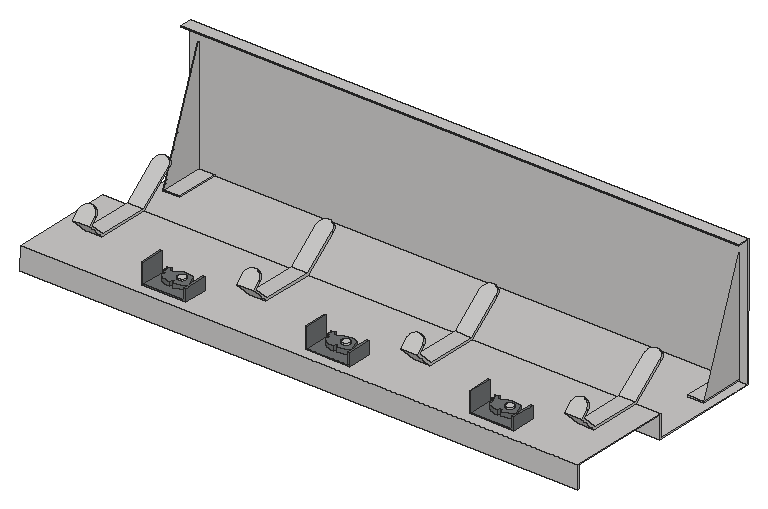
Revit family
Parameters (values of type "B-239")
  offset [instance] = 0' - 0"
  Warranty Duration (Years) = 0
  Unit Width = 2' - 10"
  Unit Height = 1' - 1"
  Unit Depth = 0' - 8"
  URL = "http://www.bobrick.com/Pages/default.aspx"
  Specification = ""
  SpecWizard = ""
  Send Message = "http://www.arcat.com/users.pl?action=UserEmail&company=Bobrick+Washroom+Equipment,+Inc.&coid=30988&rep=156&fax=818-503-1930&mf="
  Sales Information = "http://www.bobrick.com/Pages/ContactUs.aspx"
  Holder Material = Rubber - Bobrick - Black
  Revision = "R1_10-2012"
  Product Properties = ""
  Product Data = "http://arcat.com/arcatcos/cos30/arc30988.html?isac=1&r=1"
  Model = "B-239"
  Manufacturer Website = "http://www.bobrick.com/Pages/default.aspx"
  Manufacturer Phone - Toll Free = ""
  Manufacturer Phone = "818-764-1000"
  Manufacturer Fax = "818-503-1930"
  Manufacturer Address = "11611 Hart St. North Hollywood, CA 91605-5882"
  Manufacturer = "Bobrick Washroom Equipment, Inc."
  Maintenance Schedule (Months) = 0
  Keynote = "102813"
  Installation-Fabrication = "http://www.bobrick.com/washroomaccessories/Pages/WashroomAccessories.aspx"
  Installation Phase = ""
  Green Building-LEED = ""
  Finish Material = Stainless Steel - Bobrick - Satin
  Expected Lifespan (Years) = 0
  Drawn By = "Sumex Design, Inc. / Robert S. Weygant, CSI, CDT, SCIP"
  Description = "Bobrick B-239 Utility Shelf with Rag Hooks and Broom Holders"
  Default Elevation = 4' - 0"
  Copyright = "©Arcat Inc."
  Construction Details = ""
  Assembly Code = "E1090900"
Reference planes (in)
  plane 1 "Center (Front/Back)": y = 0
  plane 2 "Bottom": z = 0
  plane 3 "Center (Left/Right)": x = 0
  plane 4 "Front": y = -6.5
  plane 5 "Back": y = 6.5
  plane 6 "Left": x = -17
  plane 7 "Right": x = 17
  plane 8 "Top": z = 8
Forms (in)
  Extrusion 1, solid, material "Stainless Steel - Bobrick - Satin" <- "Finish Material"
    sketch origin (0, 0, 0) x (0, 1, 0) y (0, 0, 1)
      loop
        line (5.75, 7.9375) -> (6.4375, 7.9375) -> (6.4375, 0.0625) -> (-0.1875, 0.0625) -> (-0.1875, 1.375) -> (-6.5, 1.375) -> (-6.5, 0) -> (-6.4375, 0) -> (-6.4375, 1.3125) -> (-0.25, 1.3125) -> (-0.25, 0) -> (6.5, 0) -> (6.5, 8) -> (5.75, 8) -> (5.75, 7.9375)
    from -17 to 17
  Extrusion 2, solid, material "Stainless Steel - Bobrick - Satin" <- "Finish Material"
    sketch origin (0, 0, 0) x (0, 1, 0) y (0, 0, 1)
      loop
        line (3.75, 0.0625) -> (6.4375, 0.0625) -> (6.4375, 7.06368) -> (3.75, 0.0625)
    from -16.5 to -16.46875
  Extrusion 3, solid, material "Stainless Steel - Bobrick - Satin" <- "Finish Material"
    sketch origin (0, 0, 0) x (0, 1, 0) y (0, 0, 1)
      loop
        line (6.4375, 0.125) -> (3.75, 0.125) -> (3.75, 0.0625) -> (6.4375, 0.0625) -> (6.4375, 0.125)
    from -16.5 to -15.5
  Extrusion 4, solid, material "Stainless Steel - Bobrick - Satin" <- "Finish Material"
    sketch origin (0, 0, 0) x (0, 1, 0) y (0, 0, -1)
      loop
        line (3.75, -0.0625) -> (6.4375, -7.06368) -> (6.4375, -0.0625) -> (3.75, -0.0625)
    from -16.5 to -16.46875
  Extrusion 5, solid, material "Stainless Steel - Bobrick - Satin" <- "Finish Material"
    sketch origin (0, 0, 0) x (0, 1, 0) y (0, 0, -1)
      loop
        line (6.4375, -0.125) -> (6.4375, -0.0625) -> (3.75, -0.0625) -> (3.75, -0.125) -> (6.4375, -0.125)
    from -16.5 to -15.5
  Extrusion 6, solid, material "Stainless Steel - Bobrick - Satin" <- "Finish Material"
    sketch origin (0, 0, 0) x (0, 1, 0) y (0, 0, 1)
      loop
        line (-3.32771, 3.19005) -> (-3.4161, 3.27844) -> (-4.34727, 2.34727) -> (-3.375, 1.375) -> (-0.1875, 1.375) -> (2.34327, 3.35226) -> (2.27082, 3.44499) -> (-0.21127, 1.50577) -> (-3.32899, 1.50577) -> (-4.1705, 2.34727) -> (-3.32771, 3.19005)
    from -15.5 to -14.5
  Extrusion 7, void
    sketch origin (0, -3.99913, 2.69541) x (0, 0.707107, 0.707107) y (1, 0, 0)
      loop
        line (0.05453, -15.5) -> (0.98294, -15.5) -> (0.98294, -14.5) -> (0.05453, -14.5)
        arc (0.05453, -14.5) -> (0.55453, -15) -> (0.05453, -15.5) r 0.5
    from 0 to 1.12255
  Extrusion 8, void
    sketch origin (0, 1.70044, 2.99936) x (0, 0.788011, 0.615661) y (1, 0, 0)
      loop
        line (-0.05083, -15.5) -> (0.77915, -15.5) -> (0.77915, -14.5) -> (-0.05083, -14.5)
        arc (-0.05083, -14.5) -> (0.44917, -15) -> (-0.05083, -15.5) r 0.5
    from 0 to 0.2633
  Extrusion 9, solid, material "Stainless Steel - Bobrick - Satin" <- "Finish Material"
    sketch origin (10, 0, 0) x (0, 1, 0) y (0, 0, 1)
      loop
        line (-3.32771, 3.19005) -> (-3.4161, 3.27844) -> (-4.34727, 2.34727) -> (-3.375, 1.375) -> (-0.1875, 1.375) -> (2.34327, 3.35226) -> (2.27082, 3.44499) -> (-0.21127, 1.50577) -> (-3.32899, 1.50577) -> (-4.1705, 2.34727) -> (-3.32771, 3.19005)
    from -15.5 to -14.5
  Extrusion 10, solid, material "Stainless Steel - Bobrick - Satin" <- "Finish Material"
    sketch origin (20, 0, 0) x (0, 1, 0) y (0, 0, 1)
      loop
        line (-3.32771, 3.19005) -> (-3.4161, 3.27844) -> (-4.34727, 2.34727) -> (-3.375, 1.375) -> (-0.1875, 1.375) -> (2.34327, 3.35226) -> (2.27082, 3.44499) -> (-0.21127, 1.50577) -> (-3.32899, 1.50577) -> (-4.1705, 2.34727) -> (-3.32771, 3.19005)
    from -15.5 to -14.5
  Extrusion 11, solid, material "Stainless Steel - Bobrick - Satin" <- "Finish Material"
    sketch origin (30, 0, 0) x (0, 1, 0) y (0, 0, 1)
      loop
        line (-3.32771, 3.19005) -> (-3.4161, 3.27844) -> (-4.34727, 2.34727) -> (-3.375, 1.375) -> (-0.1875, 1.375) -> (2.34327, 3.35226) -> (2.27082, 3.44499) -> (-0.21127, 1.50577) -> (-3.32899, 1.50577) -> (-4.1705, 2.34727) -> (-3.32771, 3.19005)
    from -15.5 to -14.5
  Extrusion 12, void
    sketch origin (10, -3.99913, 2.69541) x (0, 0.707107, 0.707107) y (1, 0, 0)
      loop
        line (0.05453, -15.5) -> (0.98294, -15.5) -> (0.98294, -14.5) -> (0.05453, -14.5)
        arc (0.05453, -14.5) -> (0.55453, -15) -> (0.05453, -15.5) r 0.5
    from 0 to 1.12255
  Extrusion 13, void
    sketch origin (10, 1.70044, 2.99936) x (0, 0.788011, 0.615661) y (1, 0, 0)
      loop
        line (-0.05083, -15.5) -> (0.77915, -15.5) -> (0.77915, -14.5) -> (-0.05083, -14.5)
        arc (-0.05083, -14.5) -> (0.44917, -15) -> (-0.05083, -15.5) r 0.5
    from 0 to 0.2633
  Extrusion 14, void
    sketch origin (20, -3.99913, 2.69541) x (0, 0.707107, 0.707107) y (1, 0, 0)
      loop
        line (0.05453, -15.5) -> (0.98294, -15.5) -> (0.98294, -14.5) -> (0.05453, -14.5)
        arc (0.05453, -14.5) -> (0.55453, -15) -> (0.05453, -15.5) r 0.5
    from 0 to 1.12255
  Extrusion 15, void
    sketch origin (20, 1.70044, 2.99936) x (0, 0.788011, 0.615661) y (1, 0, 0)
      loop
        line (-0.05083, -15.5) -> (0.77915, -15.5) -> (0.77915, -14.5) -> (-0.05083, -14.5)
        arc (-0.05083, -14.5) -> (0.44917, -15) -> (-0.05083, -15.5) r 0.5
    from 0 to 0.2633
  Extrusion 16, void
    sketch origin (30, -3.99913, 2.69541) x (0, 0.707107, 0.707107) y (1, 0, 0)
      loop
        line (0.05453, -15.5) -> (0.98294, -15.5) -> (0.98294, -14.5) -> (0.05453, -14.5)
        arc (0.05453, -14.5) -> (0.55453, -15) -> (0.05453, -15.5) r 0.5
    from 0 to 1.12255
  Extrusion 17, void
    sketch origin (30, 1.70044, 2.99936) x (0, 0.788011, 0.615661) y (1, 0, 0)
      loop
        line (-0.05083, -15.5) -> (0.77915, -15.5) -> (0.77915, -14.5) -> (-0.05083, -14.5)
        arc (-0.05083, -14.5) -> (0.44917, -15) -> (-0.05083, -15.5) r 0.5
    from 0 to 0.2633
Cuts and joins
  Extrusion 7, Extrusion 8, Extrusion 12, Extrusion 13, Extrusion 14, Extrusion 15, Extrusion 16, Extrusion 17 cuts Extrusion 1
  Extrusion 7, Extrusion 8 cuts Extrusion 3
  Extrusion 7, Extrusion 8, Extrusion 12, Extrusion 13 cuts Extrusion 6
  Extrusion 12, Extrusion 13, Extrusion 14 cuts Extrusion 9
  Extrusion 14, Extrusion 15, Extrusion 16 cuts Extrusion 10
  Extrusion 16, Extrusion 17 cuts Extrusion 11
Dimensions and locks (in)
  equal spacing: plane 6 "Left", plane 3 "Center (Left/Right)", plane 7 "Right"
  "Unit Width": plane 6 "Left" to plane 7 "Right"
  equal spacing: plane 5 "Back", plane 1 "Center (Front/Back)", plane 4 "Front"
  "Unit Height": plane 5 "Back" to plane 4 "Front"
  "Unit Depth": plane 8 "Top" to level
Automatic sketch dimensions
  Extrusion 1 sketch curve to level = 0' - 0"  (x2)
  Extrusion 1 sketch curve to plane 5 "Back" = 0' - 0"
  Extrusion 1 sketch curve to plane 5 "Back" = 0' - 0 1/16"
  Extrusion 1 sketch curve to plane 8 "Top" = 0' - 0 1/16"
  Extrusion 1 sketch curve to Extrusion 1 sketch curve = 0' - 0 11/16"
  plane 1 "Center (Front/Back)" to Extrusion 1 sketch curve = 0' - 0 3/16"
  Extrusion 1 sketch curve to Extrusion 1 sketch curve = 0' - 0 1/16"  (x2)
  plane 4 "Front" to Extrusion 1 sketch curve = 0' - 0 1/16"
  Extrusion 1 sketch curve to plane 4 "Front" = 0' - 0"
  level to Extrusion 1 sketch curve = 0' - 0 1/16"
  Extrusion 1 sketch curve to Extrusion 1 sketch curve = 0' - 1 1/4"
  plane 8 "Top" to Extrusion 1 sketch curve = 0' - 0"
  level to Extrusion 2 sketch curve = 0' - 0 1/16"
  Extrusion 2 sketch curve to plane 5 "Back" = 0' - 2 3/4"
  Extrusion 2 sketch curve to plane 5 "Back" = 0' - 0 1/16"
  Extrusion 2 sketch curve to plane 8 "Top" = 0' - 0.93632"
  level to Extrusion 3 sketch curve = 0' - 0 1/8"
  Extrusion 3 sketch curve to plane 5 "Back" = 0' - 2 3/4"
  Extrusion 3 sketch curve to plane 5 "Back" = 0' - 0 1/16"
  level to Extrusion 3 sketch curve = 0' - 0 1/16"
  level to Extrusion 4 sketch curve = 0' - 0 1/16"
  Extrusion 4 sketch curve to plane 5 "Back" = 0' - 2 3/4"
  Extrusion 4 sketch curve to plane 5 "Back" = 0' - 0 1/16"
  Extrusion 4 sketch curve to plane 8 "Top" = 0' - 0.93632"
  level to Extrusion 5 sketch curve = 0' - 0 1/8"
  Extrusion 5 sketch curve to plane 5 "Back" = 0' - 2 3/4"
  Extrusion 5 sketch curve to plane 5 "Back" = 0' - 0 1/16"
  level to Extrusion 5 sketch curve = 0' - 0 1/16"
  plane 4 "Front" to Extrusion 6 sketch curve = 0' - 2.15273"
  Extrusion 6 sketch curve to Extrusion 6 sketch curve = 0' - 0.17678"
  Extrusion 6 sketch curve to Extrusion 6 sketch curve = 0' - 0.75439"
  Extrusion 6 sketch curve to Extrusion 6 sketch curve = 0' - 0.7955"
  Extrusion 6 sketch curve to Extrusion 6 sketch curve = 0' - 0.04601"
  Extrusion 6 sketch curve to Extrusion 6 sketch curve = 0' - 0.08839"  (x2)
  plane 1 "Center (Front/Back)" to Extrusion 6 sketch curve = 0' - 0.21127"
  Extrusion 6 sketch curve to Extrusion 6 sketch curve = 0' - 0.02377"
  Extrusion 6 sketch curve to plane 1 "Center (Front/Back)" = 0' - 2.27082"
  Extrusion 6 sketch curve to Extrusion 6 sketch curve = 0' - 0.07245"
  level to Extrusion 6 sketch curve = 0' - 1 3/8"
  Extrusion 6 sketch curve to Extrusion 6 sketch curve = 0' - 0.13077"
  Extrusion 6 sketch curve to Extrusion 6 sketch curve = 0' - 0.8415"
  Extrusion 6 sketch curve to Extrusion 6 sketch curve = 0' - 0"
  Extrusion 6 sketch curve to Extrusion 6 sketch curve = 0' - 0.84278"
  Extrusion 6 sketch curve to Extrusion 6 sketch curve = 0' - 1.84649"
  Extrusion 6 sketch curve to Extrusion 6 sketch curve = 0' - 0.09273"
  Extrusion 7 sketch curve to Extrusion 6 = 0' - 0"  (x2)
  Extrusion 6 to Extrusion 7 sketch curve = 0' - 0 35/64"
  Extrusion 7 sketch curve to Extrusion 6 = 0' - 0.15841"
  Extrusion 8 sketch curve to Extrusion 6 = 0' - 0"  (x2)
  Extrusion 8 sketch curve to Extrusion 6 = 0' - 0.77465"
  Extrusion 6 to Extrusion 8 sketch curve = 0' - 0.05533"
  plane 4 "Front" to Extrusion 9 sketch curve = 0' - 2.15273"
  Extrusion 9 sketch curve to Extrusion 9 sketch curve = 0' - 0.17678"
  Extrusion 9 sketch curve to Extrusion 9 sketch curve = 0' - 0.75439"
  Extrusion 9 sketch curve to Extrusion 9 sketch curve = 0' - 0.7955"
  Extrusion 9 sketch curve to Extrusion 9 sketch curve = 0' - 0.04601"
  Extrusion 9 sketch curve to Extrusion 9 sketch curve = 0' - 0.08839"  (x2)
  plane 1 "Center (Front/Back)" to Extrusion 9 sketch curve = 0' - 0.21127"
  Extrusion 9 sketch curve to Extrusion 9 sketch curve = 0' - 0.02377"
  Extrusion 9 sketch curve to plane 1 "Center (Front/Back)" = 0' - 2.27082"
  Extrusion 9 sketch curve to Extrusion 9 sketch curve = 0' - 0.07245"
  level to Extrusion 9 sketch curve = 0' - 1 3/8"
  Extrusion 9 sketch curve to Extrusion 9 sketch curve = 0' - 0.13077"
  Extrusion 9 sketch curve to Extrusion 9 sketch curve = 0' - 0.8415"
  Extrusion 9 sketch curve to Extrusion 9 sketch curve = 0' - 0"
  Extrusion 9 sketch curve to Extrusion 9 sketch curve = 0' - 0.84278"
  Extrusion 9 sketch curve to Extrusion 9 sketch curve = 0' - 1.84649"
  Extrusion 9 sketch curve to Extrusion 9 sketch curve = 0' - 0.09273"
  plane 4 "Front" to Extrusion 10 sketch curve = 0' - 2.15273"
  Extrusion 10 sketch curve to Extrusion 10 sketch curve = 0' - 0.17678"
  Extrusion 10 sketch curve to Extrusion 10 sketch curve = 0' - 0.75439"
  Extrusion 10 sketch curve to Extrusion 10 sketch curve = 0' - 0.7955"
  Extrusion 10 sketch curve to Extrusion 10 sketch curve = 0' - 0.04601"
  Extrusion 10 sketch curve to Extrusion 10 sketch curve = 0' - 0.08839"  (x2)
  plane 1 "Center (Front/Back)" to Extrusion 10 sketch curve = 0' - 0.21127"
  Extrusion 10 sketch curve to Extrusion 10 sketch curve = 0' - 0.02377"
  Extrusion 10 sketch curve to plane 1 "Center (Front/Back)" = 0' - 2.27082"
  Extrusion 10 sketch curve to Extrusion 10 sketch curve = 0' - 0.07245"
  level to Extrusion 10 sketch curve = 0' - 1 3/8"
  Extrusion 10 sketch curve to Extrusion 10 sketch curve = 0' - 0.13077"
  Extrusion 10 sketch curve to Extrusion 10 sketch curve = 0' - 0.8415"
  Extrusion 10 sketch curve to Extrusion 10 sketch curve = 0' - 0"
  Extrusion 10 sketch curve to Extrusion 10 sketch curve = 0' - 0.84278"
  Extrusion 10 sketch curve to Extrusion 10 sketch curve = 0' - 1.84649"
  Extrusion 10 sketch curve to Extrusion 10 sketch curve = 0' - 0.09273"
  plane 4 "Front" to Extrusion 11 sketch curve = 0' - 2.15273"
  Extrusion 11 sketch curve to Extrusion 11 sketch curve = 0' - 0.17678"
  Extrusion 11 sketch curve to Extrusion 11 sketch curve = 0' - 0.75439"
  Extrusion 11 sketch curve to Extrusion 11 sketch curve = 0' - 0.7955"
  Extrusion 11 sketch curve to Extrusion 11 sketch curve = 0' - 0.04601"
  Extrusion 11 sketch curve to Extrusion 11 sketch curve = 0' - 0.08839"  (x2)
  plane 1 "Center (Front/Back)" to Extrusion 11 sketch curve = 0' - 0.21127"
  Extrusion 11 sketch curve to Extrusion 11 sketch curve = 0' - 0.02377"
  Extrusion 11 sketch curve to plane 1 "Center (Front/Back)" = 0' - 2.27082"
  Extrusion 11 sketch curve to Extrusion 11 sketch curve = 0' - 0.07245"
  level to Extrusion 11 sketch curve = 0' - 1 3/8"
  Extrusion 11 sketch curve to Extrusion 11 sketch curve = 0' - 0.13077"
  Extrusion 11 sketch curve to Extrusion 11 sketch curve = 0' - 0.8415"
  Extrusion 11 sketch curve to Extrusion 11 sketch curve = 0' - 0"
  Extrusion 11 sketch curve to Extrusion 11 sketch curve = 0' - 0.84278"
  Extrusion 11 sketch curve to Extrusion 11 sketch curve = 0' - 1.84649"
  Extrusion 11 sketch curve to Extrusion 11 sketch curve = 0' - 0.09273"
  Extrusion 6 to Extrusion 12 sketch curve = 0' - 0 35/64"
  Extrusion 12 sketch curve to Extrusion 6 = 0' - 0.15841"
  Extrusion 6 to Extrusion 12 sketch curve = 0' - 9"
  Extrusion 12 sketch curve to Extrusion 12 sketch curve = 0' - 0 1/2"
  Extrusion 13 sketch curve to Extrusion 6 = 0' - 0.77465"
  Extrusion 6 to Extrusion 13 sketch curve = 0' - 0.05533"
  Extrusion 6 to Extrusion 13 sketch curve = 0' - 9"
  Extrusion 13 sketch curve to Extrusion 13 sketch curve = 0' - 0 1/2"
  Extrusion 6 to Extrusion 14 sketch curve = 0' - 0 35/64"
  Extrusion 14 sketch curve to Extrusion 6 = 0' - 0.15841"
  Extrusion 6 to Extrusion 14 sketch curve = 1' - 7"
  Extrusion 14 sketch curve to Extrusion 14 sketch curve = 0' - 0 1/2"
  Extrusion 15 sketch curve to Extrusion 6 = 0' - 0.77465"
  Extrusion 6 to Extrusion 15 sketch curve = 0' - 0.05533"
  Extrusion 6 to Extrusion 15 sketch curve = 1' - 7"
  Extrusion 15 sketch curve to Extrusion 15 sketch curve = 0' - 0 1/2"
  Extrusion 6 to Extrusion 16 sketch curve = 0' - 0 35/64"
  Extrusion 16 sketch curve to Extrusion 6 = 0' - 0.15841"
  Extrusion 6 to Extrusion 16 sketch curve = 2' - 5"
  Extrusion 16 sketch curve to Extrusion 16 sketch curve = 0' - 0 1/2"
  Extrusion 17 sketch curve to Extrusion 6 = 0' - 0.77465"
  Extrusion 6 to Extrusion 17 sketch curve = 0' - 0.05533"
  Extrusion 6 to Extrusion 17 sketch curve = 2' - 5"
  Extrusion 17 sketch curve to Extrusion 17 sketch curve = 0' - 0 1/2"
Nested families (in)
  nested 1: "Hook" at (11.21875, -4.59375, 1.375), type "Hook"
  nested 2: "Hook" at (1.21875, -4.59375, 1.375), type "Hook"
  nested 3: "Hook" at (-8.78125, -4.59375, 1.375), type "Hook"
Definition of nested family "Hook"
  Parameters (values of type "Hook")
    offset [instance] = 0' - 0"
    Warranty Duration (Years) = 0
    Unit Width = 0' - 0"
    Unit Height = 0' - 0"
    Unit Depth = 0' - 0"
    URL = "http://www.bobrick.com/Pages/default.aspx"
    Specification = ""
    SpecWizard = ""
    Send Message = "http://www.arcat.com/users.pl?action=UserEmail&company=Bobrick+Washroom+Equipment,+Inc.&coid=30988&rep=156&fax=818-503-1930&mf="
    Sales Information = "http://www.bobrick.com/Pages/ContactUs.aspx"
    Revision = "R1_10-2012"
    Product Properties = ""
    Product Data = "http://arcat.com/arcatcos/cos30/arc30988.html?isac=1&r=1"
    Model = "As Specified"
    Manufacturer Website = "http://www.bobrick.com/Pages/default.aspx"
    Manufacturer Phone - Toll Free = ""
    Manufacturer Phone = "818-764-1000"
    Manufacturer Fax = "818-503-1930"
    Manufacturer Address = "11611 Hart St. North Hollywood, CA 91605-5882"
    Manufacturer = "Bobrick Washroom Equipment, Inc."
    Maintenance Schedule (Months) = 0
    Keynote = "102813"
    Installation-Fabrication = "http://www.bobrick.com/washroomaccessories/Pages/WashroomAccessories.aspx"
    Installation Phase = ""
    Green Building-LEED = ""
    Expected Lifespan (Years) = 0
    Drawn By = "Sumex Design, Inc. / Robert S. Weygant, CSI, CDT, SCIP"
    Description = "Bobrick Washroom Accessory as Specified"
    Default Elevation = 4' - 0"
    Copyright = "©Arcat Inc."
    Construction Details = ""
    Assembly Code = "E1090900"
    Accessory Material = none
  Reference planes (in)
    plane 1 "Center (Front/Back)": y = 0
    plane 2 "Bottom": z = 0
    plane 3 "Center (Left/Right)": x = 0
    plane 4 "Top": z = 0
  Forms (in)
    Extrusion 1, solid, material <- "Accessory Material"
      sketch origin (0, 0, -3) x (1, 0, 0) y (0, 0, 1)
        loop
          line (-0.67514, 3.75) -> (-0.67514, 3.5) -> (1.21875, 3.5) -> (1.21875, 3.0625) -> (-1.2516, 3.0625) -> (-1.2516, 4.25) -> (-1.35553, 4.25) -> (-1.35553, 3) -> (1.34375, 3) -> (1.34375, 3.75) -> (-0.67514, 3.75)
      from -0.1777 to 1.25497
    Extrusion 2, void
      sketch origin (0, 0, -3) x (1, 0, 0) y (0, 1, 0)
        loop
          line (1.21875, -0.8165) -> (1.21875, 0.4612) -> (-0.77682, 0.4612) -> (-0.77682, -1.375) -> (1.21875, -1.375) -> (1.21875, -1.00994)
          arc (1.21875, -1.00994) -> (0.88272, -1.14403) -> (0.53393, -1.2402) r 3.27263
          line (0.53393, -1.2402) -> (0.50634, -1.19467) -> (0.49124, -1.11011) -> (0.48653, -1.0632) -> (0.40557, -1.06358) -> (0.36504, -1.07129) -> (0.34492, -1.23334)
          arc (0.34492, -1.23334) -> (-0.07543, -1.14957) -> (-0.405, -0.87555) r 0.8715
          line (-0.405, -0.87555) -> (-0.3103, -0.77419) -> (-0.37784, -0.67295) -> (-0.48593, -0.72018) -> (-0.53317, -0.6324) -> (-0.45222, -0.56486) -> (-0.48593, -0.46363) -> (-0.5873, -0.48393) -> (-0.61427, -0.3961) -> (-0.5129, -0.32856) -> (-0.54006, -0.22738) -> (-0.64125, -0.24078) -> (-0.67514, -0.15299) -> (-0.42511, -0.09898)
          arc (-0.42511, -0.09898) -> (-0.35145, -0.24855) -> (-0.20907, -0.33528) r 0.29851
          arc (-0.20907, -0.33528) -> (-0.02004, -0.27724) -> (0.12187, -0.13954) r 0.42247
          line (0.12187, -0.13954) -> (0.29758, -0.09219) -> (0.56396, -0.09519)
          arc (0.56396, -0.09519) -> (0.81863, -0.14857) -> (1.03379, -0.29491) r 0.6703
          line (1.03379, -0.29491) -> (1.21875, -0.8165)
        loop
          circle (0.56194, -0.57145) r 0.25
      from 3.42848 to 3.92933
    Extrusion 3, solid, material "Stainless Steel - Bobrick - Satin"
      sketch origin (1.34375, -0.12003, 0.0625) x (-1, 0, 0) y (0, -1, 0)
        loop
          circle (0.78181, 0.45142) r 0.25
      from 0.4375 to 0.73027
  Cuts and joins
    Extrusion 2 cuts Extrusion 1
  Dimensions and locks (in)
    "Unit Depth": plane 4 "Top" to level
    aligned: cut or joined group of Extrusion 1, Extrusion 2 to Extrusion 3
  Automatic sketch dimensions
    Extrusion 1 to Extrusion 3 sketch curve = 0' - 0.65681"
    Extrusion 1 to Extrusion 3 sketch curve = 0' - 0.68352"
    Extrusion 1 sketch curve to level = 0' - 0"
    Extrusion 1 sketch curve to plane 3 "Center (Left/Right)" = 0' - 1.35553"
    level to Extrusion 1 sketch curve = 0' - 0 1/2"
    plane 3 "Center (Left/Right)" to Extrusion 1 sketch curve = 0' - 1 7/32"
    Extrusion 1 sketch curve to Extrusion 1 sketch curve = 0' - 0 1/8"
    level to Extrusion 1 sketch curve = 0' - 0 1/16"
    Extrusion 1 sketch curve to Extrusion 1 sketch curve = 0' - 0 1/4"
    Extrusion 1 sketch curve to Extrusion 1 sketch curve = 0' - 0.10393"
    Extrusion 1 sketch curve to plane 3 "Center (Left/Right)" = 0' - 0.67514"
    Extrusion 1 sketch curve to Extrusion 1 sketch curve = 0' - 0 1/2"
    Extrusion 2 sketch curve to plane 3 "Center (Left/Right)" = 0' - 0.77682"
    plane 1 "Center (Front/Back)" to Extrusion 2 sketch curve = 0' - 0.15299"
    Extrusion 2 sketch curve to Extrusion 2 sketch curve = 0' - 0.10168"
    plane 1 "Center (Front/Back)" to Extrusion 2 sketch curve = 0' - 0.24078"
    Extrusion 2 sketch curve to Extrusion 2 sketch curve = 0' - 0.03388"
    Extrusion 2 sketch curve to Extrusion 2 sketch curve = 0' - 0.02698"
    Extrusion 2 sketch curve to Extrusion 2 sketch curve = 0' - 0.02697"
    plane 1 "Center (Front/Back)" to Extrusion 2 sketch curve = 0' - 0.22738"
    Extrusion 2 sketch curve to Extrusion 2 sketch curve = 0' - 0.10119"
    Extrusion 2 sketch curve to Extrusion 2 sketch curve = 0' - 0.05413"
    Extrusion 2 sketch curve to Extrusion 2 sketch curve = 0' - 0.02716"
    Extrusion 2 sketch curve to Extrusion 2 sketch curve = 0' - 0.10137"  (x2)
    Extrusion 2 sketch curve to Extrusion 2 sketch curve = 0' - 0.04723"  (x2)
    Extrusion 2 sketch curve to Extrusion 2 sketch curve = 0' - 0.08094"
    Extrusion 2 sketch curve to Extrusion 2 sketch curve = 0' - 0.11495"
    Extrusion 2 sketch curve to Extrusion 2 sketch curve = 0' - 0.08093"  (x2)
    Extrusion 2 sketch curve to Extrusion 2 sketch curve = 0' - 0.10809"
    Extrusion 2 sketch curve to Extrusion 2 sketch curve = 0' - 0.06754"  (x2)
    Extrusion 2 sketch curve to plane 1 "Center (Front/Back)" = 0' - 0.08639"
    Extrusion 2 sketch curve to plane 3 "Center (Left/Right)" = 0' - 0.23511"
    Extrusion 2 sketch curve to plane 3 "Center (Left/Right)" = 0' - 0.20907"
    Extrusion 2 sketch curve to plane 3 "Center (Left/Right)" = 0' - 0.16031"
    plane 1 "Center (Front/Back)" to Extrusion 2 sketch curve = 0' - 0.04713"
    Extrusion 2 sketch curve to plane 3 "Center (Left/Right)" = 0' - 0.13114"
    plane 3 "Center (Left/Right)" to Extrusion 2 sketch curve = 0' - 0.12187"
    plane 1 "Center (Front/Back)" to Extrusion 2 sketch curve = 0' - 0.09219"
    Extrusion 2 sketch curve to Extrusion 2 sketch curve = 0' - 0.1757"
    Extrusion 2 sketch curve to Extrusion 2 sketch curve = 0' - 0.00227"
    plane 3 "Center (Left/Right)" to Extrusion 2 sketch curve = 0' - 0.34492"
    Extrusion 2 sketch curve to Extrusion 2 sketch curve = 0' - 0.02012"
    Extrusion 2 sketch curve to Extrusion 2 sketch curve = 0' - 0.04054"
    Extrusion 2 sketch curve to Extrusion 2 sketch curve = 0' - 0.08096"
    Extrusion 2 sketch curve to Extrusion 2 sketch curve = 0' - 0.00472"
    Extrusion 2 sketch curve to Extrusion 2 sketch curve = 0' - 0.01509"
    Extrusion 2 sketch curve to Extrusion 2 sketch curve = 0' - 0.0276"
    Extrusion 2 sketch curve to Extrusion 2 sketch curve = 0' - 0.06988"
    Extrusion 2 sketch curve to Extrusion 2 sketch curve = 0' - 0.00554"
    plane 1 "Center (Front/Back)" to Extrusion 2 sketch curve = 0' - 0.09519"
    Extrusion 2 sketch curve to Extrusion 2 sketch curve = 0' - 0.26638"
    plane 1 "Center (Front/Back)" to Extrusion 2 sketch curve = 0' - 0.29491"
    Extrusion 2 sketch curve to Extrusion 2 sketch curve = 0' - 0.46983"
    Extrusion 2 sketch curve to Extrusion 2 sketch curve = 0' - 0.66235"
    Extrusion 2 sketch curve to Extrusion 2 sketch curve = 0' - 0.18496"
    Extrusion 2 sketch curve to Extrusion 2 sketch curve = 0' - 0.54681"
    Extrusion 2 sketch curve to Extrusion 2 sketch curve = 0' - 0.52159"
    Extrusion 2 sketch curve to Extrusion 2 sketch curve = 0' - 0.19344"
    Extrusion 2 sketch curve to Extrusion 2 sketch curve = 0' - 0.29774"
    Extrusion 2 sketch curve to Extrusion 2 sketch curve = 0' - 0.00039"
    Extrusion 2 sketch curve to Extrusion 2 sketch curve = 0' - 0.00771"
    Extrusion 2 sketch curve to Extrusion 2 sketch curve = 0' - 0.04692"
    Extrusion 2 sketch curve to Extrusion 2 sketch curve = 0' - 0.08456"
    Extrusion 2 sketch curve to Extrusion 2 sketch curve = 0' - 0.16205"
    Extrusion 2 sketch curve to Extrusion 2 sketch curve = 0' - 0.04554"
    Extrusion 2 sketch curve to Extrusion 2 sketch curve = 0' - 0.49945"
    Extrusion 2 sketch curve to Extrusion 2 sketch curve = 0' - 0.15537"
    Extrusion 2 sketch curve to Extrusion 2 sketch curve = 0' - 0.08778"
    Extrusion 2 sketch curve to Extrusion 2 sketch curve = 0' - 0.194"
    Extrusion 2 sketch curve to Extrusion 2 sketch curve = 0' - 0.0203"
    Extrusion 2 sketch curve to Extrusion 2 sketch curve = 0' - 0.08783"
    Extrusion 2 sketch curve to Extrusion 2 sketch curve = 0' - 0.28816"
    Extrusion 2 sketch curve to Extrusion 2 sketch curve = 0' - 0.10118"
    Extrusion 2 sketch curve to plane 1 "Center (Front/Back)" = 0' - 0.4612"
    radius of Extrusion 3 sketch curve = 0' - 0 1/4"
    radius of Extrusion 2 sketch curve = 0' - 0 1/4"
